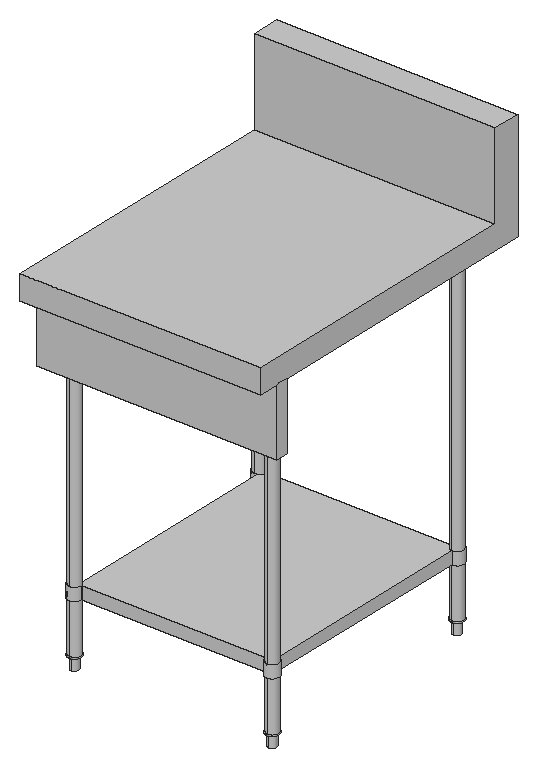
Revit family "QF_COMCATER ALL BRANDS_RCSPR6", category Specialty Equipment, Revit 2014
Parameters (values of type "RCSPR6")
  URL Cutsheet = ""
  URL = ""
  Type Comments = "The Australian owned and designed* Trueheat RC Series of Gas Cooking Equipment has been developed for the restaurant and cafe market with a high quality finish, designed to fulfill the busy demands within a commercial kitchen.\r\nSturdy range matched infill benches with stand.\r\nNote: Legs, feet and shelf can be removed to allow infill bench to be suspended between units on either side. (Hardware not included)."
  Status [instance] = ""
  Specification by User [instance] = ""
  Specification by Manufacturer [instance] = ""
  Seismic Rating = ""
  SMACNA No = ""
  Revision Code [instance] = ""
  NAFEM Spec ID Number = ""
  Model = "RCSPR6"
  Masterspec = ""
  Manufacturer = "TRUEHEAT"
  Length Actual = 600 mm
  Item Number [instance] = ""
  Installed By [instance] = ""
  Identify Quantity as Lot [instance] = no
  Height Actual = 910 mm
  Furnished By [instance] = ""
  Foodservice Equipment Identifier [instance] = yes
  Description = "600 MM WIDE INFILL BENCH"
  Depth Actual = 803 mm
  CSI MasterFormat = ""
  Assembly Code = "E1090320"
  Accessory = no
Reference planes
  plane 1 "Center (Front/Back)": y = 0
  plane 2: z = 0
  plane 3 "Center (Left/Right)": x = 0
Dimensions and locks
  aligned and locked: level to plane 2
Nested families
  nested 1: "QF_COMCATER_RCSPR6" at (0, 0, 0), type "RCSPR6"
    with Show Logo yes, Show Clearance yes
Definition of nested family "QF_COMCATER_RCSPR6"
  Parameters (values of type "RCSPR6")
    URL = "www.comcater.com.au"
    Show Logo [instance] = yes
    Show Clearance [instance] = yes
    Model = "RCSPR6"
    Manufacturer = "TRUEHEAT"
    Description = "WIDE INFILL BENCHES"
    Assembly Code = "E1090320"
  Reference planes
    plane 1 "Back": y = 0
    plane 2: z = 0
    plane 3 "Left": x = 0
    plane 4 "Right": x = 600
    plane 5 "Front": y = -803
    plane 6 "Top": z = 910
  Forms (mm)
    Extrusion 1, solid
      sketch origin (207.069, 0, 682.5) x (0, 1, 0) y (0, 0, 1)
        loop
          line (0, 442.5) -> (-70, 442.5) -> (-70, 227.5) -> (-803, 227.5) -> (-803, 167.5) -> (0, 167.5) -> (0, 442.5)
      from -207.069 to 392.931
    Extrusion 2, solid
      sketch origin (0, 0, 0) x (0, 1, 0) y (0, 0, 1)
        loop
          line (-720, 850) -> (-750, 850) -> (-750, 680) -> (-720, 680) -> (-720, 850)
      from 0 to 600
    Extrusion 3, solid
      sketch origin (0, 0, 160) x (1, 0, 0) y (0, 1, 0)
        loop
          line (60.5, -138.201) -> (60.5, -684.531)
          arc (60.5, -684.531) -> (39.152, -709.196) -> (70.45, -700) r 17
          line (70.45, -700) -> (530.342, -700)
          arc (530.342, -700) -> (559.363, -712.02) -> (547.342, -683) r 17
          line (547.342, -683) -> (547.342, -139.7)
          arc (547.342, -139.7) -> (559.983, -111.334) -> (530.437, -120.9) r 17
          line (530.437, -120.9) -> (70.351, -120.9)
          arc (70.351, -120.9) -> (38.677, -114.32) -> (60.5, -138.201) r 17
        loop
          circle (53.45, -700) r 15
        loop
          circle (547.342, -700) r 15
        loop
          circle (53.45, -122.732) r 15
        loop
          circle (547.342, -122.7) r 15
      from 0 to 30
    Revolve 4, solid
      sketch origin (53.45, 5.3, 0) x (0, 1, 0) y (0, 0, 1)
        loop
          line (-113, 850) -> (-128, 850) -> (-128, 0) -> (-118, 0) -> (-118, 30) -> (-113, 30)
          arc (-113, 30) -> (-111.5, 31.5) -> (-113, 33) r 1.5
          line (-113, 33) -> (-113, 850)
        axis (-128, 0) -> (-128, 850)
      angle from 0 to 360
    Revolve 5, solid
      sketch origin (547.45, 5.3, 0) x (0, 1, 0) y (0, 0, 1)
        loop
          line (-113, 850) -> (-128, 850) -> (-128, 0) -> (-118, 0) -> (-118, 30) -> (-113, 30)
          arc (-113, 30) -> (-111.5, 31.5) -> (-113, 33) r 1.5
          line (-113, 33) -> (-113, 850)
        axis (-128, 0) -> (-128, 850)
      angle from 0 to 360
    Revolve 6, solid
      sketch origin (53.45, -572, 0) x (0, 1, 0) y (0, 0, 1)
        loop
          line (-113, 850) -> (-128, 850) -> (-128, 0) -> (-118, 0) -> (-118, 30) -> (-113, 30)
          arc (-113, 30) -> (-111.5, 31.5) -> (-113, 33) r 1.5
          line (-113, 33) -> (-113, 850)
        axis (-128, 0) -> (-128, 850)
      angle from 0 to 360
    Revolve 7, solid
      sketch origin (547.45, -572, 0) x (0, 1, 0) y (0, 0, 1)
        loop
          line (-113, 850) -> (-128, 850) -> (-128, 0) -> (-118, 0) -> (-118, 30) -> (-113, 30)
          arc (-113, 30) -> (-111.5, 31.5) -> (-113, 33) r 1.5
          line (-113, 33) -> (-113, 850)
        axis (-128, 0) -> (-128, 850)
      angle from 0 to 360
  Lines and regions (mm)
    symbolic lines, style "200-EquipBorder-2D", visible <- "Show Clearance"
      curve 1: line (0, 0, 0) -> (600, 0, 0)
      curve 2: line (600, 0, 0) -> (600, -803, 0)
      curve 3: line (600, -803, 0) -> (0, -803, 0)
      curve 4: line (0, -803, 0) -> (0, 0, 0)
    symbolic lines, style "200-EquipBorder-2D"
      curve 5: line (0, -70, 0) -> (600, -70, 0)
  Dimensions and locks
    plane 1 "Back" to plane 5 "Front" = 803 mm
    plane 6 "Top" to level = 910 mm  (x2)
    plane 3 "Left" to plane 4 "Right" = 600 mm
    plane 5 "Front" to plane 1 "Back" = 803 mm
    plane 4 "Right" to plane 3 "Left" = 600 mm
    aligned and locked: level to plane 2
